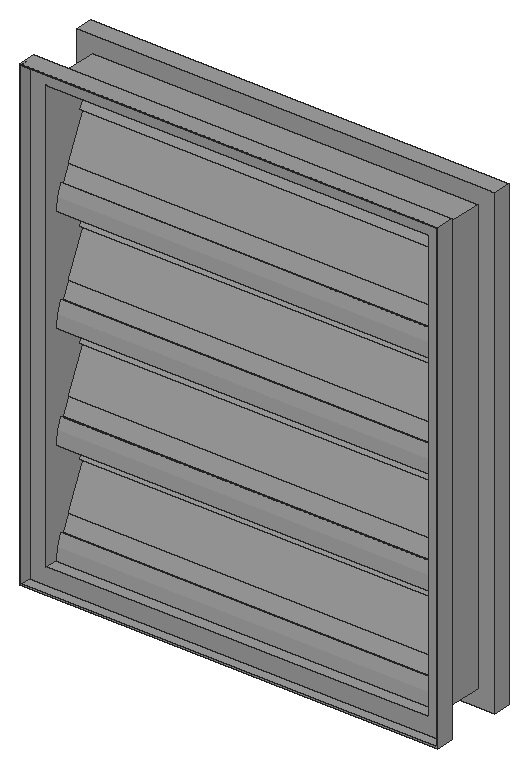
Revit family "Holyoake_-_PRD_Pressure Relief Damper Channel Frame", category Duct Accessories, Revit 2014
Parameters
  W = Nominal W - (2 * Channel Frame H)  # 550 mm
  URL = "http://www.productspec.net/products/42790/holyoake-industries-ltd/prd150-heavy-duty-pressure-relief-damper.aspx"
  Parametric W = 600 mm
  Parametric H = 800 mm
  Nominal W = if(Parametric W < Minimum Width, Minimum Width, if(Parametric W > Maximum Width, Maximum Width, Parametric W))  # 600 mm
  Nominal H = if(Parametric H < Minimum Height, Minimum Height, if(Parametric H < 383 mm, 237 mm, if(Parametric H < 529 mm, 383 mm, if(Parametric H < 675 mm, 529 mm, if(Parametric H < 821 mm, 675 mm, if(Parametric H < 967 mm, 821 mm, if(Parametric H < 1113 mm, 967 mm, if(Parametric H < 1259 mm, 1113 mm, if(Parametric H < 1405 mm, 1259 mm, if(Parametric H < 1551 mm, 1405 mm, if(Parametric H < Maximum Height, 1551 mm, if(Parametric H > Maximum Height, Maximum Height, Parametric H))))))))))))  # 675 mm
  Model = "PRD150 Channel Frame"  # constant formula
  Minimum Width = 200 mm  # constant formula
  Minimum Height = 230 mm  # constant formula
  Maximum Width = 800 mm  # constant formula
  Maximum Height = 1544 mm  # constant formula
  Material = Aluminium
  Manufacturer = "Holyoake Industries Ltd."  # constant formula
  H = Nominal H - (2 * Channel Frame H)  # 625 mm
  Channel Frame W = 127 mm  # constant formula
  Channel Frame H = 25 mm  # constant formula
  Blade Angle = 65.00°
Reference planes
  plane 1 "Center (Front/Back)": y = 0
  plane 2: z = 0
  plane 3 "Center (Left/Right)": x = 0
  plane 4: x = -275
  plane 5: z = 312.5
  plane 6: x = 275
  plane 7: z = -312.5
  plane 8: z = 462.5
  plane 9: x = 300
  plane 10: x = -300
  plane 11: z = -337.5
  plane 12: z = 337.5
  plane 13: x = 300
Forms (mm)
  Sweep 1, solid, material "Aluminium" <- "Material"
    path origin (0, 0, 0) x (1, 0, 0) y (0, 0, 1)
      loop
        line (-275, 312.5) -> (-275, -307.875) -> (275, -307.875) -> (275, 312.5) -> (-275, 312.5)
    profile "Channel Frame : Type 1" origin (0, 0, 312.5) x (0, 0, 1) y (0, -1, 0)
      loop
        line (25, 63.5) -> (23.5, 63.5) -> (23.5, 48.5) -> (0, 48.5) -> (0, -48.5) -> (23.5, -48.5) -> (23.5, -63.5) -> (25, -63.5) -> (25, -38.5) -> (1.5, -38.5) -> (1.5, 38.5) -> (25, 38.5) -> (25, 63.5)
Dimensions and locks
  equal spacing: plane 5, level, plane 7
  "H": plane 5 to plane 7
  equal spacing: plane 6, plane 3 "Center (Left/Right)", plane 4
  "W": plane 6 to plane 4
  equal spacing: plane 13, plane 3 "Center (Left/Right)", plane 10
  "Nominal W": plane 13 to plane 10
  equal spacing: plane 12, plane 2, plane 11
  "Nominal H": plane 12 to plane 11
  "Parametric W": plane 9 to plane 10
  "Parametric H": plane 8 to plane 11
  aligned and locked: level to plane 2
  aligned and locked: nested 1 to plane 4
  aligned and locked: plane 7 to nested 1
  aligned and locked: Sweep 1 sketch curve to plane 5
  aligned and locked: plane 4 to Sweep 1 sketch curve
  aligned and locked: Sweep 1 sketch curve to nested 1  (x2)
  aligned and locked: plane 1 "Center (Front/Back)" to nested 1
Nested families
  nested 1: "Blade Array" at (0, 0, -312.5), type "Type 1"
    with W 550 mm, Spacing 150 mm, H 675 mm, Array Parametric 4, Array 4, Angle 65.00°
Connectors
  hvac at (0, -63.5, 2.312), driven by "Nominal H", driven by "Nominal W"
    settings: on Sweep 1, index 1, duct flow 0.0 L/s, flow factor 0, pres drop 0.0 Pa, loss coef 0, conn angle 0.00°, conn width 600 mm, conn height 675 mm, conn diameter 609.6 mm, duct sys type 29, conn prof type 1, flow config 0, flow direction 0, loss method 0, conn ref index -1, conn util no, is conn primary yes, conn desc ""
  hvac at (0, 63.5, 2.312), driven by "Nominal H", driven by "Nominal W"
    settings: on Sweep 1, index 2, duct flow 0.0 L/s, flow factor 0, pres drop 0.0 Pa, loss coef 0, conn angle 0.00°, conn width 600 mm, conn height 675 mm, conn diameter 609.6 mm, duct sys type 29, conn prof type 1, flow config 0, flow direction 0, loss method 0, conn ref index -1, conn util no, is conn primary no, conn desc ""
Definition of nested family "Blade Array"
  Parameters (values of type "Type 1")
    W = 750 mm
    Spacing = 145 mm
    Material = none
    H = 1494 mm
    First Blade = 75 mm
    Blade Single = Array Parametric < 2  # no
    Blade Multiple = not(Blade Single)  # yes
    Array Parametric = rounddown(H / Spacing)  # 10
    Array = if(Array Parametric < 2, 2, Array Parametric)  # 10
    Angle = 90.00°
  Reference planes
    plane 1 "Center (Front/Back)": y = 0
    plane 2: z = 0
    plane 3 "Center (Left/Right)": x = 0
    plane 4: x = 375
    plane 5: x = -375
    plane 6: z = 75
    plane 7: z = 220
    plane 8: z = 1494
  Dimensions and locks
    equal spacing: plane 5, plane 3 "Center (Left/Right)", plane 4
    "W": plane 5 to plane 4
    "First Blade": plane 6 to level
    "Spacing": plane 7 to plane 6
    "H": plane 8 to level
    equal spacing: group 1, group 2, group 3, group 4, group 5, group 6, group 7, group 8, group 9, group 10  (x3)
    aligned and locked: level to plane 2
    aligned and locked: plane 1 "Center (Front/Back)" to nested 1
    aligned and locked: nested 2 to plane 5
    aligned and locked: nested 3 to plane 5
    aligned and locked: plane 6 to nested 2
    aligned and locked: plane 7 to nested 3
    aligned and locked: nested 1 to plane 5
    aligned and locked: plane 6 to nested 1
  Nested families
    nested 1: "Blade" at (-375, 0, 75), visible <- "Blade Single", type "Type 1"
    nested 2: "Blade" at (-375, 0, 75), visible <- "Blade Multiple", type "Type 1"
    nested 3: "Blade" at (-375, 0, 220), visible <- "Blade Multiple", type "Type 1"
    nested 4: "Blade" at (-375, 0, 365), visible <- "Blade Multiple", type "Type 1"
    nested 5: "Blade" at (-375, 0, 510), visible <- "Blade Multiple", type "Type 1"
    nested 6: "Blade" at (-375, 0, 655), visible <- "Blade Multiple", type "Type 1"
    nested 7: "Blade" at (-375, 0, 800), visible <- "Blade Multiple", type "Type 1"
    nested 8: "Blade" at (-375, 0, 945), visible <- "Blade Multiple", type "Type 1"
    nested 9: "Blade" at (-375, 0, 1090), visible <- "Blade Multiple", type "Type 1"
    nested 10: "Blade" at (-375, 0, 1235), visible <- "Blade Multiple", type "Type 1"
    nested 11: "Blade" at (-375, 0, 1380), visible <- "Blade Multiple", type "Type 1"
  Definition of nested family "Blade"
    Parameters (values of type "Type 1")
      W = 750 mm
      Material = none
      Angle = 90.00°
    Reference planes
      plane 1 "Center (Front/Back)": y = 0
      plane 2: z = 0
      plane 3 "Center (Left/Right)": x = 0
      plane 4: x = 750
    Forms (mm)
      Sweep 1, solid, material <- "Material"
        path origin (0, 0, 0) x (1, 0, 0) y (0, 1, 0)
          loop
            line (0, 0) -> (750, 0)
        profile "Blade Profile : Type 1" origin (375, 0, 0) x (0, 1, 0) y (0, 0, 1)
          loop
            line (1.5, -43) -> (1.5, 20) -> (0, 20) -> (0, 43) -> (5.5, 43)
            arc (5.5, 43) -> (3.545, 60.294) -> (-1.5, 76.951) r 96
            arc (-1.5, 76.951) -> (-6.545, 60.294) -> (-8.5, 43) r 96
            line (-8.5, 43) -> (-1.5, 43) -> (-1.5, -20) -> (0, -20) -> (0, -43) -> (-5.5, -43)
            arc (-5.5, -43) -> (-3.545, -60.294) -> (1.5, -76.951) r 96
            arc (1.5, -76.951) -> (6.545, -60.294) -> (8.5, -43) r 96
            line (8.5, -43) -> (1.5, -43)
    Dimensions and locks
      "W": plane 4 to plane 3 "Center (Left/Right)"
      aligned and locked: level to plane 2
    Automatic sketch dimensions
      plane 1 "Center (Front/Back)" to Sweep 1 sketch curve = 0 mm
      Sweep 1 sketch curve to plane 3 "Center (Left/Right)" = 0 mm
      Sweep 1 sketch curve to plane 4 = 0 mm
